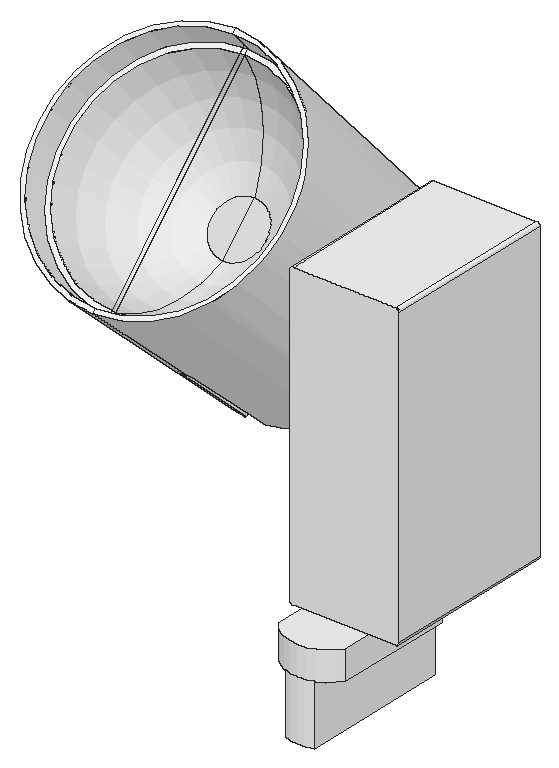
Revit family "0004866 Feilo Sylvania Lighting Fixture START TRACK SPOT L 35W 3K RA90 MB WHITE", category Lighting Fixtures, host Face, Revit 2017
Family settings
  Host = Face
  Round Connector Dimension = Use Diameter
  Part Type = Normal
  OmniClass Number = 23.80.70.00
  OmniClass Title = Lighting
  Cut with Voids When Loaded = No
  Light Source = No
  Shared = No
  Room Calculation Point = No
Parameters (values of type "0004866 START TRACK SPOT L 35W 3K RA90 MB WHITE")
  Weight = "1.368 kg"
  Wattage Comments = ""
  WarrantyStartDate [instance] = "n/a"
  WarrantyGuarantorParts = "n/a"
  WarrantyDurationUnit = "n/a"
  WarrantyDurationParts = "n/a"
  WarrantyDescription = "n/a"
  Voltage = 230 V
  URL = "http://www.sylvania-lighting.com"
  TypeName = "START TRACK SPOT L 35W 3K RA90 MB WHITE"
  TypeHead_FEILO = Start Track Spot Head : 0004866 START TRACK SPOT L 35W 3K RA90 MB WHITE
  TypeBox_FEILO = Start Track Spot Box : Type Large White
  Type Image = <None>
  Type Comments = "n/a"
  VerticalRotation_FEILO [instance] = 0.00°
  SlideEndAngle_FEILO [instance] = VerticalRotation_FEILO + 180.00°  # 180.00°
  SerialNumber [instance] = "n/a"
  Material_3_FEILO = none
  PowerFactor = 0.93
  PowerConsumption = "35 W"
  NominalLength = 0 mm
  NominalHeight = 240 mm
  NominalDepth = 164 mm
  Name = "START TRACK SPOT L 35W 3K RA90 MB WHITE"
  ModelReference = Name  # "START TRACK SPOT L 35W 3K RA90 MB WHITE"
  ModelNumber = "0004866"
  Model = Name  # "START TRACK SPOT L 35W 3K RA90 MB WHITE"
  Material = "adc12 aluminium housing, polycarbonate diffuser"
  ManufacturerName = "Feilo Sylvania"
  Manufacturer = "Feilo Sylvania"
  LuminousEfficacy = "94 lm/W"
  LuminaireType = ""
  LightOutputRatio = "100"
  LampsType = Lamp  # "LED"
  LampNominalLuminous = "3306 lm"
  LampMacAdamStep = "3"
  LampColourTemperature = "3000 K"
  LampColourRenderingIndex = "90"
  Lamp = "LED"
  Keynote = "16500"
  InstallationDate [instance] = "n/a"
  InputVoltage = "230-240V~"
  InputNominalFrequency = "50/60 Hz"
  IngressProtection = "IP20"
  ImpactProtectionIndex = "IK02"
  IfcExportType = "IfcLightFixtureType"
  IfcExportAs = "IfcLightFixtureType"
  HorizontalRotation_FEILO [instance] = 45.00°
  ExpectedLife = 50000
  ElectricShockClassification = "Class II"
  DurationUnit = "hours"
  DocumentationLiterature = "http://www.sylvania-lighting.com/product/en-int/products/0004866"
  DimmingControlOptions = "Non dimmable"
  Material_2_FEILO = none
  Description = "Integrated LED spotlight, Textured White - RAL9016, compact and minimalist design, ideal for retail applications, die-cast aluminium body, passive cooling heatsink. Beam angle: 38°, color temperature: 3000K , total system power: 35W, total fixture output: 3306 lm, LOR: 100%, colour rendering: Ra: 90 typical, LED Chromaticity: 3 step MacAdam ellipse, lifetime: >50000 hours at L70B50, energy class: A++, A+, A, IR/UV free light source without heat radiation, operating voltage: 220-240V / 50-60Hz, drive current: 900mA, electronic driver, non-dimmable, power factor: 0.93, electrical protection: Class II, Global Track 3 Phase adapter suitable for Global trac 3-circuit tracks, ingress protection rating: IP20, suitable for internal environment only, horizontal rotation: 355°, vertical tilt: 90°, dimensions: Ø113x164x240, weight: 1.368kg."
  Default Elevation = 1219.2 mm
  CreatedOn = "12/12/2017"
  CreatedBy = ""
  Cost = 0
  built-in parameter 1114216 [instance] = (empty or 0)
  ClassificationValue = "EF_70_80"
  ClassificationName = "Uniclass2015"
  Material_1_FEILO = Body-Sylvania-StartTrackSpot-White
  BarCode [instance] = "n/a"
  AssetType = "Fixed"
  AssetIdentifier [instance] = "n/a"
  Assembly Code = "D5020200"
  Apparent Load = 35 VA
  Material_4_FEILO = none
Reference planes
  plane 1 "Center (Front/Back)": y = 0
  plane 2: z = 0
  plane 3 "Center (Left/Right)": x = 0
  plane 4: x = 15
  plane 5: x = -15
  plane 6: y = 35
  plane 7: y = -35
  plane 8: z = 13
  plane 9: z = -27
  plane 10: x = 6.5
  plane 11: x = -6.5
  plane 12: y = 27
  plane 13: y = -27
  plane 14: y = 20
Forms (mm)
  Extrusion 1, solid, material "Body-Sylvania-StartTrackSpot-White" <- "Material_1_FEILO"
    sketch origin (0, 0, 0) x (1, 0, 0) y (0, 1, 0)
      loop
        line (-15, 27) -> (-15, -27)
        arc (-15, -27) -> (0, -35) -> (15, -27) r 18.062
        line (15, -27) -> (15, 27)
        arc (15, 27) -> (0, 35) -> (-15, 27) r 18.062
    from 0 to 13
  Extrusion 2, solid, material "Body-Sylvania-StartTrackSpot-White" <- "Material_1_FEILO"
    sketch origin (0, 0, 0) x (1, 0, 0) y (0, 1, 0)
      loop
        arc (6.5, 33.79) -> (0, 35) -> (-6.5, 33.79) r 18.062
        line (-6.5, 33.79) -> (-6.5, -33.79)
        arc (-6.5, -33.79) -> (0, -35) -> (6.5, -33.79) r 18.062
        line (6.5, -33.79) -> (6.5, 33.79)
    from 0 to -27
  Revolve 3, solid, not visible
    sketch origin (1524, 20, 1219.2) x (1, 0, 0) y (0, 0, 1)
      loop
        line (-1524, -1206.2) -> (-1524, -1191.285) -> (-1530.5, -1191.285) -> (-1530.5, -1206.2) -> (-1524, -1206.2)
      axis (-1524, -1191.285) -> (-1524, -1206.2)
    angle from 0 <- "VerticalRotation_FEILO" to 180 <- "SlideEndAngle_FEILO"
Cuts and joins
  joined: Extrusion 1, Extrusion 2
Dimensions and locks
  equal spacing: plane 10, plane 3 "Center (Left/Right)", plane 11
  equal spacing: plane 4, plane 3 "Center (Left/Right)", plane 5
  locked: plane 8 to plane 2 at 13
  locked: plane 8 to plane 9 at 40
  equal spacing: plane 13, plane 1 "Center (Front/Back)", plane 12
  locked: plane 12 to plane 6 at 8
  locked: plane 14 to plane 6 at 15
  locked: Revolve 3 sketch curve to plane 8 at 14.915
  aligned and locked: plane 2 to host face
  aligned and locked: level to host face
  aligned and locked: plane 5 to Extrusion 1 sketch curve  (x2)
  aligned and locked: plane 12 to Extrusion 1 sketch curve
  aligned and locked: plane 13 to Extrusion 1 sketch curve
  aligned and locked: plane 4 to Extrusion 1 sketch curve
  aligned and locked: Extrusion 1 to plane 8
  aligned and locked: Extrusion 1 to level
  aligned and locked: Extrusion 2 sketch curve to Extrusion 1  (x2)
  aligned and locked: Extrusion 2 sketch curve to plane 11
  aligned and locked: plane 10 to Extrusion 2 sketch curve
  aligned and locked: plane 9 to Extrusion 2
  aligned and locked: level to Extrusion 2
  aligned and locked: Revolve 3 sketch curve to plane 3 "Center (Left/Right)"  (x2)
  aligned and locked: plane 11 to Revolve 3 sketch curve
  aligned and locked: Revolve 3 sketch curve to plane 8
Automatic sketch dimensions
  host sketch curve to host sketch curve = 2438.4 mm  (x2)
  Extrusion 1 sketch curve to plane 3 "Center (Left/Right)" = 0 mm  (x2)
  Extrusion 1 sketch curve to plane 13 = 10.062 mm
  plane 12 to Extrusion 1 sketch curve = 10.062 mm
  Revolve 3 sketch curve to plane 3 "Center (Left/Right)" = 0 mm
  plane 9 to Revolve 3 sketch curve = 582.6 mm
  Revolve 3 sketch curve to Revolve 3 sketch curve = 2581.144 mm
Nested families
  nested 1: "Start Track Spot Head" at (-75.5, 20, 133) x (0, 0.7071, 0.7071) z (0, 0.7071, -0.7071), type <- "TypeHead_FEILO", type "0004866 START TRACK SPOT L 35W 3K RA90 MB WHITE"
    with built-in parameter 1114216 (empty or 0)
  nested 2: "Start Track Spot Box" at (8.5, 20, 85) x (-1, 0, 0) z (0, -1, 0), BoxStartAngle_FEILO <- "HorizontalRotation_FEILO", type <- "TypeBox_FEILO", type "Type Large White"
    with BoxStartAngle_FEILO 45.00°, BoxEndAngle_FEILO -135.00°
Connectors
  electrical at (0, 0, 0), driven by "Apparent Load", driven by "PowerFactor", driven by "Voltage"
    settings: index 1, voltage 230 V, apparent load 35 VA, apparent load phase1 0 VA, apparent load phase2 0 VA, apparent load phase3 0 VA, power factor 0.93, load classification "Lighting", number of poles 1, system type 30, power factor state 1, is connector primary yes, connector utility no, sub classification motor no, connector description ""
Definition of nested family "Start Track Spot Head"
  Parameters (values of type "0004811 START TRACK SPOT S 14W 3K RA80 NB WHITE")
    Wattage Comments = "n/a"
    Wattage = 14 W
    built-in parameter 1150110 = 1 (stored number, unit not read)
    URL = "http://www.feilosylvania.com"
    Type Image = (empty or 0)
    Type Comments = "n/a"
    built-in parameter 1114217 = 1 (stored number, unit not read)
    Tilt Angle = -90.00°
    built-in parameter 1150109 = 1 (stored number, unit not read)
    built-in parameter 1150134 = (empty or 0)
    built-in parameter 1150113 = 1 (stored number, unit not read)
    Photometric Web File = "0004811.ies"
    Material_3_FEILO = none
    Model = "START TRACK SPOT S 14W 3K RA80 NB WHITE"
    Manufacturer = "Feilo Sylvania"
    built-in parameter 1150105 = 123.66 (stored number, unit not read)
    Lumens = 1554 lm
    built-in parameter 1150115 = 1 (stored number, unit not read)
    built-in parameter 1150137 = (empty or 0)
    built-in parameter 1150139 = (empty or 0)
    built-in parameter 1150112 = 1 (stored number, unit not read)
    built-in parameter 1150114 = 1 (stored number, unit not read)
    Lamp = "LED"
    Keynote = "16500"
    Material_2_FEILO = none
    built-in parameter 1150132 = (empty or 0)
    built-in parameter 1150102 = (empty or 0)
    built-in parameter 1150107 = 3000 (stored number, unit not read)
    built-in parameter 1150138 = (empty or 0)
    built-in parameter 1150106 = 1.2366 (stored number, unit not read)
    HeadThickness_FEILO = if(HeadDiaOut_FEILO > 112 mm, 2 mm, 1.5 mm)  # 1.5 mm
    HeadRibOffset_FEILO = HeadHeight_FEILO / 28  # 4.179 mm
    HeadRibDepth_FEILO = HeadHeight_FEILO / 2.1  # 55.714 mm
    HeadRibCutWidth_FEILO = HeadDiaOut_FEILO / 12  # 7.167 mm
    HeadRibCutOffset_FEILO = HeadHeight_FEILO / 2.3  # 50.87 mm
    HeadReflectorRadius_FEILO = HeadDiaOut_FEILO / 1.7  # 50.588 mm
    HeadReflectorOffset_FEILO = HeadHeight_FEILO / 2.1  # 55.714 mm
    HeadLEDRadius_FEILO = HeadDiaOut_FEILO / 9  # 9.556 mm
    HeadHeight_FEILO = 117 mm
    HeadDraft_FEILO = 1 mm
    HeadDiffusorThickness_FEILO = 3 mm
    HeadDiffusorOffset_FEILO = HeadHeight_FEILO / 12.4  # 9.435 mm
    HeadDiaOut_FEILO = 86 mm
    HeadDiaIn_FEILO = HeadDiaOut_FEILO / 1.11  # 77.477 mm
    HeadAxisFromTop_FEILO = HeadHeight_FEILO / 1.687  # 69.354 mm
    Emit from Circle Diameter = HeadDiaIn_FEILO  # 77.477 mm
    Emit Shape Visible in Rendering = no
    built-in parameter 1150104 = 10.312 (stored number, unit not read)
    Dimming Lamp Color Temperature Shift = (empty or 0)
    Description = "Integrated LED spotlight, Textured White - RAL9016, compact and minimalist design, ideal for retail applications, die-cast aluminium body, passive cooling heatsink. Beam angle: 12°, color temperature: 3000K , total system power: 14W, total fixture output: 1551 lm, LOR: 100%, colour rendering: Ra: 80 typical, LED Chromaticity: 3 step MacAdam ellipse, lifetime: >50000 hours at L70B50, energy class: A++, A+, A, IR/UV free light source without heat radiation, operating voltage: 220-240V / 50-60Hz, drive current: 350mA, electronic driver, non-dimmable, power factor: 0.92, electrical protection: Class II, Global Track 3 Phase adapter suitable for Global trac 3-circuit tracks, ingress protection rating: IP20, suitable for internal environment only, horizontal rotation: 355°, vertical tilt: 90°, dimensions: Ø86x140x200, weight: 0.940kg."
    Default Elevation = 1219.2 mm
    Cost = 0
    Color Filter = 16777215
    built-in parameter 1114216 [instance] = (empty or 0)
    Material_1_FEILO = none
    built-in parameter 1114218 = 1 (stored number, unit not read)
    built-in parameter 1150133 = 10 (stored number, unit not read)
    Assembly Code = "D5020200"
    Apparent Load = 14 VA
    Material_4_FEILO = none
  Types (96, lengths in mm): name | Wattage | built-in parameter 1150134 | Photometric Web File | Model | built-in parameter 1150105 | Lumens | built-in parameter 1150107 | built-in parameter 1150106 | HeadThickness_FEILO | HeadRibOffset_FEILO | HeadRibDepth_FEILO | HeadRibCutWidth_FEILO | HeadRibCutOffset_FEILO | HeadReflectorRadius_FEILO | HeadReflectorOffset_FEILO | HeadLEDRadius_FEILO | HeadHeight_FEILO | HeadDiffusorOffset_FEILO | HeadDiaOut_FEILO | HeadDiaIn_FEILO | HeadAxisFromTop_FEILO | Emit from Circle Diameter | built-in parameter 1150104 | Description | Apparent Load
    0004906 START TRACK SPOT L 55W 4K RA90 WB BLACK | 55 W | 12 | "0004906.ies" | "START TRACK SPOT L 55W 4K RA90 WB BLACK" | 385.15 (stored number, unit not read) | 4840 lm | 4000 (stored number, unit not read) | 3.8515 (stored number, unit not read) | 2 | 4.429 | 59.048 | 9.417 | 53.913 | 66.471 | 59.048 | 12.556 | 124 | 10 | 113 | 101.802 | 73.503 | 101.802 | 8.1755 (stored number, unit not read) | "Integrated LED spotlight, Textured Black - RAL9005, compact and minimalist design, ideal for retail applications, die-cast aluminium body, passive cooling heatsink. Beam angle: 52°, color temperature: 4000K , total system power: 55W, total fixture output: 4824 lm, LOR: 100%, colour rendering: Ra: 90 typical, LED Chromaticity: 3 step MacAdam ellipse, lifetime: >50000 hours at L70B50, energy class: A++, A+, A, IR/UV free light source without heat radiation, operating voltage: 220-240V / 50-60Hz, drive current: 1400mA, electronic driver, non-dimmable, power factor: 0.96, electrical protection: Class II, Global Track 3 Phase adapter suitable for Global trac 3-circuit tracks, ingress protection rating: IP20, suitable for internal environment only, horizontal rotation: 355°, vertical tilt: 90°, dimensions: Ø113x164x240, weight: 1.398kg." | 55 VA
    0004905 START TRACK SPOT L 55W 4K RA90 MB BLACK | 55 W | 12 | "0004905.ies" | "START TRACK SPOT L 55W 4K RA90 MB BLACK" | 389.53 (stored number, unit not read) | 4895 lm | 4000 (stored number, unit not read) | 3.8953 (stored number, unit not read) | 2 | 4.429 | 59.048 | 9.417 | 53.913 | 66.471 | 59.048 | 12.556 | 124 | 10 | 113 | 101.802 | 73.503 | 101.802 | 8.2684 (stored number, unit not read) | "Integrated LED spotlight, Textured Black - RAL9005, compact and minimalist design, ideal for retail applications, die-cast aluminium body, passive cooling heatsink. Beam angle: 38°, color temperature: 4000K , total system power: 55W, total fixture output: 4897 lm, LOR: 100%, colour rendering: Ra: 90 typical, LED Chromaticity: 3 step MacAdam ellipse, lifetime: >50000 hours at L70B50, energy class: A++, A+, A, IR/UV free light source without heat radiation, operating voltage: 220-240V / 50-60Hz, drive current: 1400mA, electronic driver, non-dimmable, power factor: 0.96, electrical protection: Class II, Global Track 3 Phase adapter suitable for Global trac 3-circuit tracks, ingress protection rating: IP20, suitable for internal environment only, horizontal rotation: 355°, vertical tilt: 90°, dimensions: Ø113x164x240, weight: 1.398kg." | 55 VA
    0004904 START TRACK SPOT L 55W 4K RA90 NB BLACK | 55 W | 12 | "0004904.ies" | "START TRACK SPOT L 55W 4K RA90 NB BLACK" | 393.91 (stored number, unit not read) | 4950 lm | 4000 (stored number, unit not read) | 3.9391 (stored number, unit not read) | 2 | 4.429 | 59.048 | 9.417 | 53.913 | 66.471 | 59.048 | 12.556 | 124 | 10 | 113 | 101.802 | 73.503 | 101.802 | 8.3613 (stored number, unit not read) | "Integrated LED spotlight, Textured Black - RAL9005, compact and minimalist design, ideal for retail applications, die-cast aluminium body, passive cooling heatsink. Beam angle: 15°, color temperature: 4000K , total system power: 55W, total fixture output: 4965 lm, LOR: 100%, colour rendering: Ra: 90 typical, LED Chromaticity: 3 step MacAdam ellipse, lifetime: >50000 hours at L70B50, energy class: A++, A+, A, IR/UV free light source without heat radiation, operating voltage: 220-240V / 50-60Hz, drive current: 1400mA, electronic driver, non-dimmable, power factor: 0.96, electrical protection: Class II, Global Track 3 Phase adapter suitable for Global trac 3-circuit tracks, ingress protection rating: IP20, suitable for internal environment only, horizontal rotation: 355°, vertical tilt: 90°, dimensions: Ø113x164x240, weight: 1.398kg." | 55 VA
    0004903 START TRACK SPOT L 35W 4K RA90 WB BLACK | 35 W | 12 | "0004903.ies" | "START TRACK SPOT L 35W 4K RA90 WB BLACK" | 284.09 (stored number, unit not read) | 3570 lm | 4000 (stored number, unit not read) | 2.8409 (stored number, unit not read) | 2 | 4.429 | 59.048 | 9.417 | 53.913 | 66.471 | 59.048 | 12.556 | 124 | 10 | 113 | 101.802 | 73.503 | 101.802 | 9.4761 (stored number, unit not read) | "Integrated LED spotlight, Textured Black - RAL9005, compact and minimalist design, ideal for retail applications, die-cast aluminium body, passive cooling heatsink. Beam angle: 52°, color temperature: 4000K , total system power: 35W, total fixture output: 3562 lm, LOR: 100%, colour rendering: Ra: 90 typical, LED Chromaticity: 3 step MacAdam ellipse, lifetime: >50000 hours at L70B50, energy class: A++, A+, A, IR/UV free light source without heat radiation, operating voltage: 220-240V / 50-60Hz, drive current: 900mA, electronic driver, non-dimmable, power factor: 0.93, electrical protection: Class II, Global Track 3 Phase adapter suitable for Global trac 3-circuit tracks, ingress protection rating: IP20, suitable for internal environment only, horizontal rotation: 355°, vertical tilt: 90°, dimensions: Ø113x164x240, weight: 1.368kg." | 35 VA
    0004902 START TRACK SPOT L 35W 4K RA90 MB BLACK | 35 W | 12 | "0004902.ies" | "START TRACK SPOT L 35W 4K RA90 MB BLACK" | 286.88 (stored number, unit not read) | 3605 lm | 4000 (stored number, unit not read) | 2.8688 (stored number, unit not read) | 2 | 4.429 | 59.048 | 9.417 | 53.913 | 66.471 | 59.048 | 12.556 | 124 | 10 | 113 | 101.802 | 73.503 | 101.802 | 9.569 (stored number, unit not read) | "Integrated LED spotlight, Textured Black - RAL9005, compact and minimalist design, ideal for retail applications, die-cast aluminium body, passive cooling heatsink. Beam angle: 38°, color temperature: 4000K , total system power: 35W, total fixture output: 3616 lm, LOR: 100%, colour rendering: Ra: 90 typical, LED Chromaticity: 3 step MacAdam ellipse, lifetime: >50000 hours at L70B50, energy class: A++, A+, A, IR/UV free light source without heat radiation, operating voltage: 220-240V / 50-60Hz, drive current: 900mA, electronic driver, non-dimmable, power factor: 0.93, electrical protection: Class II, Global Track 3 Phase adapter suitable for Global trac 3-circuit tracks, ingress protection rating: IP20, suitable for internal environment only, horizontal rotation: 355°, vertical tilt: 90°, dimensions: Ø113x164x240, weight: 1.368kg." | 35 VA
    0004901 START TRACK SPOT L 35W 4K RA90 NB BLACK | 35 W | 12 | "0004901.ies" | "START TRACK SPOT L 35W 4K RA90 NB BLACK" | 286.88 (stored number, unit not read) | 3605 lm | 4000 (stored number, unit not read) | 2.8688 (stored number, unit not read) | 2 | 4.429 | 59.048 | 9.417 | 53.913 | 66.471 | 59.048 | 12.556 | 124 | 10 | 113 | 101.802 | 73.503 | 101.802 | 9.569 (stored number, unit not read) | "Integrated LED spotlight, Textured Black - RAL9005, compact and minimalist design, ideal for retail applications, die-cast aluminium body, passive cooling heatsink. Beam angle: 15°, color temperature: 4000K , total system power: 35W, total fixture output: 3593 lm, LOR: 100%, colour rendering: Ra: 90 typical, LED Chromaticity: 3 step MacAdam ellipse, lifetime: >50000 hours at L70B50, energy class: A++, A+, A, IR/UV free light source without heat radiation, operating voltage: 220-240V / 50-60Hz, drive current: 900mA, electronic driver, non-dimmable, power factor: 0.93, electrical protection: Class II, Global Track 3 Phase adapter suitable for Global trac 3-circuit tracks, ingress protection rating: IP20, suitable for internal environment only, horizontal rotation: 355°, vertical tilt: 90°, dimensions: Ø113x164x240, weight: 1.368kg." | 35 VA
    0004900 START TRACK SPOT S 24W 4K RA90 WB BLACK | 24 W | 12 | "0004900.ies" | "START TRACK SPOT S 24W 4K RA90 WB BLACK" | 166.16 (stored number, unit not read) | 2088 lm | 4000 (stored number, unit not read) | 1.6616 (stored number, unit not read) | 1.5 | 4.179 | 55.714 | 7.167 | 50.87 | 50.588 | 55.714 | 9.556 | 117 | 9.435 | 86 | 77.477 | 69.354 | 77.477 | 8.0826 (stored number, unit not read) | "Integrated LED spotlight, Textured Black - RAL9005, compact and minimalist design, ideal for retail applications, die-cast aluminium body, passive cooling heatsink. Beam angle: 64°, color temperature: 4000K , total system power: 24W, total fixture output: 2087 lm, LOR: 100%, colour rendering: Ra: 90 typical, LED Chromaticity: 3 step MacAdam ellipse, lifetime: >50000 hours at L70B50, energy class: A++, A+, A, IR/UV free light source without heat radiation, operating voltage: 220-240V / 50-60Hz, drive current: 600mA, electronic driver, non-dimmable, power factor: 0.95, electrical protection: Class II, Global Track 3 Phase adapter suitable for Global trac 3-circuit tracks, ingress protection rating: IP20, suitable for internal environment only, horizontal rotation: 355°, vertical tilt: 90°, dimensions: Ø86x140x200, weight: 0.966kg." | 24 VA
    0004899 START TRACK SPOT S 24W 4K RA90 MB BLACK | 24 W | 12 | "0004899.ies" | "START TRACK SPOT S 24W 4K RA90 MB BLACK" | 169.98 (stored number, unit not read) | 2136 lm | 4000 (stored number, unit not read) | 1.6998 (stored number, unit not read) | 1.5 | 4.179 | 55.714 | 7.167 | 50.87 | 50.588 | 55.714 | 9.556 | 117 | 9.435 | 86 | 77.477 | 69.354 | 77.477 | 8.2684 (stored number, unit not read) | "Integrated LED spotlight, Textured Black - RAL9005, compact and minimalist design, ideal for retail applications, die-cast aluminium body, passive cooling heatsink. Beam angle: 36°, color temperature: 4000K , total system power: 24W, total fixture output: 2141 lm, LOR: 100%, colour rendering: Ra: 90 typical, LED Chromaticity: 3 step MacAdam ellipse, lifetime: >50000 hours at L70B50, energy class: A++, A+, A, IR/UV free light source without heat radiation, operating voltage: 220-240V / 50-60Hz, drive current: 600mA, electronic driver, non-dimmable, power factor: 0.95, electrical protection: Class II, Global Track 3 Phase adapter suitable for Global trac 3-circuit tracks, ingress protection rating: IP20, suitable for internal environment only, horizontal rotation: 355°, vertical tilt: 90°, dimensions: Ø86x140x200, weight: 0.966kg." | 24 VA
    0004898 START TRACK SPOT S 24W 4K RA90 NB BLACK | 24 W | 12 | "0004898.ies" | "START TRACK SPOT S 24W 4K RA90 NB BLACK" | 171.89 (stored number, unit not read) | 2160 lm | 4000 (stored number, unit not read) | 1.7189 (stored number, unit not read) | 1.5 | 4.179 | 55.714 | 7.167 | 50.87 | 50.588 | 55.714 | 9.556 | 117 | 9.435 | 86 | 77.477 | 69.354 | 77.477 | 8.3613 (stored number, unit not read) | "Integrated LED spotlight, Textured Black - RAL9005, compact and minimalist design, ideal for retail applications, die-cast aluminium body, passive cooling heatsink. Beam angle: 12°, color temperature: 4000K , total system power: 24W, total fixture output: 2155 lm, LOR: 100%, colour rendering: Ra: 90 typical, LED Chromaticity: 3 step MacAdam ellipse, lifetime: >50000 hours at L70B50, energy class: A++, A+, A, IR/UV free light source without heat radiation, operating voltage: 220-240V / 50-60Hz, drive current: 600mA, electronic driver, non-dimmable, power factor: 0.95, electrical protection: Class II, Global Track 3 Phase adapter suitable for Global trac 3-circuit tracks, ingress protection rating: IP20, suitable for internal environment only, horizontal rotation: 355°, vertical tilt: 90°, dimensions: Ø86x140x200, weight: 0.966kg." | 24 VA
    0004897 START TRACK SPOT S 14W 4K RA90 WB BLACK | 14 W | 12 | "0004897.ies" | "START TRACK SPOT S 14W 4K RA90 WB BLACK" | 108.07 (stored number, unit not read) | 1358 lm | 4000 (stored number, unit not read) | 1.0807 (stored number, unit not read) | 1.5 | 4.179 | 55.714 | 7.167 | 50.87 | 50.588 | 55.714 | 9.556 | 117 | 9.435 | 86 | 77.477 | 69.354 | 77.477 | 9.0116 (stored number, unit not read) | "Integrated LED spotlight, Textured Black - RAL9005, compact and minimalist design, ideal for retail applications, die-cast aluminium body, passive cooling heatsink. Beam angle: 64°, color temperature: 4000K , total system power: 14W, total fixture output: 1352 lm, LOR: 100%, colour rendering: Ra: 90 typical, LED Chromaticity: 3 step MacAdam ellipse, lifetime: >50000 hours at L70B50, energy class: A++, A+, A, IR/UV free light source without heat radiation, operating voltage: 220-240V / 50-60Hz, drive current: 350mA, electronic driver, non-dimmable, power factor: 0.92, electrical protection: Class II, Global Track 3 Phase adapter suitable for Global trac 3-circuit tracks, ingress protection rating: IP20, suitable for internal environment only, horizontal rotation: 355°, vertical tilt: 90°, dimensions: Ø86x140x200, weight: 0.940kg." | 14 VA
    0004896 START TRACK SPOT S 14W 4K RA90 MB BLACK | 14 W | 12 | "0004896.ies" | "START TRACK SPOT S 14W 4K RA90 MB BLACK" | 108.07 (stored number, unit not read) | 1358 lm | 4000 (stored number, unit not read) | 1.0807 (stored number, unit not read) | 1.5 | 4.179 | 55.714 | 7.167 | 50.87 | 50.588 | 55.714 | 9.556 | 117 | 9.435 | 86 | 77.477 | 69.354 | 77.477 | 9.0116 (stored number, unit not read) | "Integrated LED spotlight, Textured Black - RAL9005, compact and minimalist design, ideal for retail applications, die-cast aluminium body, passive cooling heatsink. Beam angle: 36°, color temperature: 4000K , total system power: 14W, total fixture output: 1359 lm, LOR: 100%, colour rendering: Ra: 90 typical, LED Chromaticity: 3 step MacAdam ellipse, lifetime: >50000 hours at L70B50, energy class: A++, A+, A, IR/UV free light source without heat radiation, operating voltage: 220-240V / 50-60Hz, drive current: 350mA, electronic driver, non-dimmable, power factor: 0.92, electrical protection: Class II, Global Track 3 Phase adapter suitable for Global trac 3-circuit tracks, ingress protection rating: IP20, suitable for internal environment only, horizontal rotation: 355°, vertical tilt: 90°, dimensions: Ø86x140x200, weight: 0.940kg." | 14 VA
    0004895 START TRACK SPOT S 14W 4K RA90 NB BLACK | 14 W | 12 | "0004895.ies" | "START TRACK SPOT S 14W 4K RA90 NB BLACK" | 106.95 (stored number, unit not read) | 1344 lm | 4000 (stored number, unit not read) | 1.0695 (stored number, unit not read) | 1.5 | 4.179 | 55.714 | 7.167 | 50.87 | 50.588 | 55.714 | 9.556 | 117 | 9.435 | 86 | 77.477 | 69.354 | 77.477 | 8.9187 (stored number, unit not read) | "Integrated LED spotlight, Textured Black - RAL9005, compact and minimalist design, ideal for retail applications, die-cast aluminium body, passive cooling heatsink. Beam angle: 12°, color temperature: 4000K , total system power: 14W, total fixture output: 1349 lm, LOR: 100%, colour rendering: Ra: 90 typical, LED Chromaticity: 3 step MacAdam ellipse, lifetime: >50000 hours at L70B50, energy class: A++, A+, A, IR/UV free light source without heat radiation, operating voltage: 220-240V / 50-60Hz, drive current: 350mA, electronic driver, non-dimmable, power factor: 0.92, electrical protection: Class II, Global Track 3 Phase adapter suitable for Global trac 3-circuit tracks, ingress protection rating: IP20, suitable for internal environment only, horizontal rotation: 355°, vertical tilt: 90°, dimensions: Ø86x140x200, weight: 0.940kg." | 14 VA
    0004894 START TRACK SPOT L 55W 3K RA90 WB BLACK | 55 W | (empty or 0) | "0004894.ies" | "START TRACK SPOT L 55W 3K RA90 WB BLACK" | 350.14 (stored number, unit not read) | 4400 lm | 3000 (stored number, unit not read) | 3.5014 (stored number, unit not read) | 2 | 4.429 | 59.048 | 9.417 | 53.913 | 66.471 | 59.048 | 12.556 | 124 | 10 | 113 | 101.802 | 73.503 | 101.802 | 7.4322 (stored number, unit not read) | "Integrated LED spotlight, Textured Black - RAL9005, compact and minimalist design, ideal for retail applications, die-cast aluminium body, passive cooling heatsink. Beam angle: 52°, color temperature: 3000K , total system power: 55W, total fixture output: 4405 lm, LOR: 100%, colour rendering: Ra: 90 typical, LED Chromaticity: 3 step MacAdam ellipse, lifetime: >50000 hours at L70B50, energy class: A++, A+, A, IR/UV free light source without heat radiation, operating voltage: 220-240V / 50-60Hz, drive current: 1400mA, electronic driver, non-dimmable, power factor: 0.96, electrical protection: Class II, Global Track 3 Phase adapter suitable for Global trac 3-circuit tracks, ingress protection rating: IP20, suitable for internal environment only, horizontal rotation: 355°, vertical tilt: 90°, dimensions: Ø113x164x240, weight: 1.398kg." | 55 VA
    0004893 START TRACK SPOT L 55W 3K RA90 MB BLACK | 55 W | (empty or 0) | "0004893.ies" | "START TRACK SPOT L 55W 3K RA90 MB BLACK" | 354.52 (stored number, unit not read) | 4455 lm | 3000 (stored number, unit not read) | 3.5452 (stored number, unit not read) | 2 | 4.429 | 59.048 | 9.417 | 53.913 | 66.471 | 59.048 | 12.556 | 124 | 10 | 113 | 101.802 | 73.503 | 101.802 | 7.5251 (stored number, unit not read) | "Integrated LED spotlight, Textured Black - RAL9005, compact and minimalist design, ideal for retail applications, die-cast aluminium body, passive cooling heatsink. Beam angle: 38°, color temperature: 3000K , total system power: 55W, total fixture output: 4448 lm, LOR: 100%, colour rendering: Ra: 90 typical, LED Chromaticity: 3 step MacAdam ellipse, lifetime: >50000 hours at L70B50, energy class: A++, A+, A, IR/UV free light source without heat radiation, operating voltage: 220-240V / 50-60Hz, drive current: 1400mA, electronic driver, non-dimmable, power factor: 0.96, electrical protection: Class II, Global Track 3 Phase adapter suitable for Global trac 3-circuit tracks, ingress protection rating: IP20, suitable for internal environment only, horizontal rotation: 355°, vertical tilt: 90°, dimensions: Ø113x164x240, weight: 1.398kg." | 55 VA
    0004892 START TRACK SPOT L 55W 3K RA90 NB BLACK | 55 W | (empty or 0) | "0004892.ies" | "START TRACK SPOT L 55W 3K RA90 NB BLACK" | 350.14 (stored number, unit not read) | 4400 lm | 3000 (stored number, unit not read) | 3.5014 (stored number, unit not read) | 2 | 4.429 | 59.048 | 9.417 | 53.913 | 66.471 | 59.048 | 12.556 | 124 | 10 | 113 | 101.802 | 73.503 | 101.802 | 7.4322 (stored number, unit not read) | "Integrated LED spotlight, Textured Black - RAL9005, compact and minimalist design, ideal for retail applications, die-cast aluminium body, passive cooling heatsink. Beam angle: 15°, color temperature: 3000K , total system power: 55W, total fixture output: 4416 lm, LOR: 100%, colour rendering: Ra: 90 typical, LED Chromaticity: 3 step MacAdam ellipse, lifetime: >50000 hours at L70B50, energy class: A++, A+, A, IR/UV free light source without heat radiation, operating voltage: 220-240V / 50-60Hz, drive current: 1400mA, electronic driver, non-dimmable, power factor: 0.96, electrical protection: Class II, Global Track 3 Phase adapter suitable for Global trac 3-circuit tracks, ingress protection rating: IP20, suitable for internal environment only, horizontal rotation: 355°, vertical tilt: 90°, dimensions: Ø113x164x240, weight: 1.398kg." | 55 VA
    0004891 START TRACK SPOT L 35W 3K RA90 WB BLACK | 35 W | (empty or 0) | "0004891.ies" | "START TRACK SPOT L 35W 3K RA90 WB BLACK" | 259.02 (stored number, unit not read) | 3255 lm | 3000 (stored number, unit not read) | 2.5902 (stored number, unit not read) | 2 | 4.429 | 59.048 | 9.417 | 53.913 | 66.471 | 59.048 | 12.556 | 124 | 10 | 113 | 101.802 | 73.503 | 101.802 | 8.64 (stored number, unit not read) | "Integrated LED spotlight, Textured Black - RAL9005, compact and minimalist design, ideal for retail applications, die-cast aluminium body, passive cooling heatsink. Beam angle: 52°, color temperature: 3000K , total system power: 35W, total fixture output: 3260 lm, LOR: 100%, colour rendering: Ra: 90 typical, LED Chromaticity: 3 step MacAdam ellipse, lifetime: >50000 hours at L70B50, energy class: A++, A+, A, IR/UV free light source without heat radiation, operating voltage: 220-240V / 50-60Hz, drive current: 900mA, electronic driver, non-dimmable, power factor: 0.93, electrical protection: Class II, Global Track 3 Phase adapter suitable for Global trac 3-circuit tracks, ingress protection rating: IP20, suitable for internal environment only, horizontal rotation: 355°, vertical tilt: 90°, dimensions: Ø113x164x240, weight: 1.368kg." | 35 VA
    0004890 START TRACK SPOT L 35W 3K RA90 MB BLACK | 35 W | (empty or 0) | "0004890.ies" | "START TRACK SPOT L 35W 3K RA90 MB BLACK" | 261.81 (stored number, unit not read) | 3290 lm | 3000 (stored number, unit not read) | 2.6181 (stored number, unit not read) | 2 | 4.429 | 59.048 | 9.417 | 53.913 | 66.471 | 59.048 | 12.556 | 124 | 10 | 113 | 101.802 | 73.503 | 101.802 | 8.7329 (stored number, unit not read) | "Integrated LED spotlight, Textured Black - RAL9005, compact and minimalist design, ideal for retail applications, die-cast aluminium body, passive cooling heatsink. Beam angle: 38°, color temperature: 3000K , total system power: 35W, total fixture output: 3306 lm, LOR: 100%, colour rendering: Ra: 90 typical, LED Chromaticity: 3 step MacAdam ellipse, lifetime: >50000 hours at L70B50, energy class: A++, A+, A, IR/UV free light source without heat radiation, operating voltage: 220-240V / 50-60Hz, drive current: 900mA, electronic driver, non-dimmable, power factor: 0.93, electrical protection: Class II, Global Track 3 Phase adapter suitable for Global trac 3-circuit tracks, ingress protection rating: IP20, suitable for internal environment only, horizontal rotation: 355°, vertical tilt: 90°, dimensions: Ø113x164x240, weight: 1.368kg." | 35 VA
    0004889 START TRACK SPOT L 35W 3K RA90 NB BLACK | 35 W | (empty or 0) | "0004889.ies" | "START TRACK SPOT L 35W 3K RA90 NB BLACK" | 261.81 (stored number, unit not read) | 3290 lm | 3000 (stored number, unit not read) | 2.6181 (stored number, unit not read) | 2 | 4.429 | 59.048 | 9.417 | 53.913 | 66.471 | 59.048 | 12.556 | 124 | 10 | 113 | 101.802 | 73.503 | 101.802 | 8.7329 (stored number, unit not read) | "Integrated LED spotlight, Textured Black - RAL9005, compact and minimalist design, ideal for retail applications, die-cast aluminium body, passive cooling heatsink. Beam angle: 15°, color temperature: 3000K , total system power: 35W, total fixture output: 3287 lm, LOR: 100%, colour rendering: Ra: 90 typical, LED Chromaticity: 3 step MacAdam ellipse, lifetime: >50000 hours at L70B50, energy class: A++, A+, A, IR/UV free light source without heat radiation, operating voltage: 220-240V / 50-60Hz, drive current: 900mA, electronic driver, non-dimmable, power factor: 0.93, electrical protection: Class II, Global Track 3 Phase adapter suitable for Global trac 3-circuit tracks, ingress protection rating: IP20, suitable for internal environment only, horizontal rotation: 355°, vertical tilt: 90°, dimensions: Ø113x164x240, weight: 1.368kg." | 35 VA
    0004888 START TRACK SPOT S 24W 3K RA90 WB BLACK | 24 W | (empty or 0) | "0004888.ies" | "START TRACK SPOT S 24W 3K RA90 WB BLACK" | 152.79 (stored number, unit not read) | 1920 lm | 3000 (stored number, unit not read) | 1.5279 (stored number, unit not read) | 1.5 | 4.179 | 55.714 | 7.167 | 50.87 | 50.588 | 55.714 | 9.556 | 117 | 9.435 | 86 | 77.477 | 69.354 | 77.477 | 7.4322 (stored number, unit not read) | "Integrated LED spotlight, Textured Black - RAL9005, compact and minimalist design, ideal for retail applications, die-cast aluminium body, passive cooling heatsink. Beam angle: 64°, color temperature: 3000K , total system power: 24W, total fixture output: 1928 lm, LOR: 100%, colour rendering: Ra: 90 typical, LED Chromaticity: 3 step MacAdam ellipse, lifetime: >50000 hours at L70B50, energy class: A++, A+, A, IR/UV free light source without heat radiation, operating voltage: 220-240V / 50-60Hz, drive current: 600mA, electronic driver, non-dimmable, power factor: 0.95, electrical protection: Class II, Global Track 3 Phase adapter suitable for Global trac 3-circuit tracks, ingress protection rating: IP20, suitable for internal environment only, horizontal rotation: 355°, vertical tilt: 90°, dimensions: Ø86x140x200, weight: 0.966kg." | 24 VA
    0004887 START TRACK SPOT S 24W 3K RA90 MB BLACK | 24 W | (empty or 0) | "0004887.ies" | "START TRACK SPOT S 24W 3K RA90 MB BLACK" | 154.7 (stored number, unit not read) | 1944 lm | 3000 (stored number, unit not read) | 1.547 (stored number, unit not read) | 1.5 | 4.179 | 55.714 | 7.167 | 50.87 | 50.588 | 55.714 | 9.556 | 117 | 9.435 | 86 | 77.477 | 69.354 | 77.477 | 7.5251 (stored number, unit not read) | "Integrated LED spotlight, Textured Black - RAL9005, compact and minimalist design, ideal for retail applications, die-cast aluminium body, passive cooling heatsink. Beam angle: 36°, color temperature: 3000K , total system power: 24W, total fixture output: 1944 lm, LOR: 100%, colour rendering: Ra: 90 typical, LED Chromaticity: 3 step MacAdam ellipse, lifetime: >50000 hours at L70B50, energy class: A++, A+, A, IR/UV free light source without heat radiation, operating voltage: 220-240V / 50-60Hz, drive current: 600mA, electronic driver, non-dimmable, power factor: 0.95, electrical protection: Class II, Global Track 3 Phase adapter suitable for Global trac 3-circuit tracks, ingress protection rating: IP20, suitable for internal environment only, horizontal rotation: 355°, vertical tilt: 90°, dimensions: Ø86x140x200, weight: 0.966kg." | 24 VA
    0004886 START TRACK SPOT S 24W 3K RA90 NB BLACK | 24 W | (empty or 0) | "0004886.ies" | "START TRACK SPOT S 24W 3K RA90 NB BLACK" | 158.52 (stored number, unit not read) | 1992 lm | 3000 (stored number, unit not read) | 1.5852 (stored number, unit not read) | 1.5 | 4.179 | 55.714 | 7.167 | 50.87 | 50.588 | 55.714 | 9.556 | 117 | 9.435 | 86 | 77.477 | 69.354 | 77.477 | 7.711 (stored number, unit not read) | "Integrated LED spotlight, Textured Black - RAL9005, compact and minimalist design, ideal for retail applications, die-cast aluminium body, passive cooling heatsink. Beam angle: 12°, color temperature: 3000K , total system power: 24W, total fixture output: 1987 lm, LOR: 100%, colour rendering: Ra: 90 typical, LED Chromaticity: 3 step MacAdam ellipse, lifetime: >50000 hours at L70B50, energy class: A++, A+, A, IR/UV free light source without heat radiation, operating voltage: 220-240V / 50-60Hz, drive current: 600mA, electronic driver, non-dimmable, power factor: 0.95, electrical protection: Class II, Global Track 3 Phase adapter suitable for Global trac 3-circuit tracks, ingress protection rating: IP20, suitable for internal environment only, horizontal rotation: 355°, vertical tilt: 90°, dimensions: Ø86x140x200, weight: 0.966kg." | 24 VA
    0004885 START TRACK SPOT S 14W 3K RA90 WB BLACK | 14 W | (empty or 0) | "0004885.ies" | "START TRACK SPOT S 14W 3K RA90 WB BLACK" | 100.27 (stored number, unit not read) | 1260 lm | 3000 (stored number, unit not read) | 1.0027 (stored number, unit not read) | 1.5 | 4.179 | 55.714 | 7.167 | 50.87 | 50.588 | 55.714 | 9.556 | 117 | 9.435 | 86 | 77.477 | 69.354 | 77.477 | 8.3613 (stored number, unit not read) | "Integrated LED spotlight, Textured Black - RAL9005, compact and minimalist design, ideal for retail applications, die-cast aluminium body, passive cooling heatsink. Beam angle: 64°, color temperature: 3000K , total system power: 14W, total fixture output: 1262 lm, LOR: 100%, colour rendering: Ra: 90 typical, LED Chromaticity: 3 step MacAdam ellipse, lifetime: >50000 hours at L70B50, energy class: A++, A+, A, IR/UV free light source without heat radiation, operating voltage: 220-240V / 50-60Hz, drive current: 350mA, electronic driver, non-dimmable, power factor: 0.92, electrical protection: Class II, Global Track 3 Phase adapter suitable for Global trac 3-circuit tracks, ingress protection rating: IP20, suitable for internal environment only, horizontal rotation: 355°, vertical tilt: 90°, dimensions: Ø86x140x200, weight: 0.940kg." | 14 VA
    0004884 START TRACK SPOT S 14W 3K RA90 MB BLACK | 14 W | (empty or 0) | "0004884.ies" | "START TRACK SPOT S 14W 3K RA90 MB BLACK" | 100.27 (stored number, unit not read) | 1260 lm | 3000 (stored number, unit not read) | 1.0027 (stored number, unit not read) | 1.5 | 4.179 | 55.714 | 7.167 | 50.87 | 50.588 | 55.714 | 9.556 | 117 | 9.435 | 86 | 77.477 | 69.354 | 77.477 | 8.3613 (stored number, unit not read) | "Integrated LED spotlight, Textured Black - RAL9005, compact and minimalist design, ideal for retail applications, die-cast aluminium body, passive cooling heatsink. Beam angle: 36°, color temperature: 3000K , total system power: 14W, total fixture output: 1262 lm, LOR: 100%, colour rendering: Ra: 90 typical, LED Chromaticity: 3 step MacAdam ellipse, lifetime: >50000 hours at L70B50, energy class: A++, A+, A, IR/UV free light source without heat radiation, operating voltage: 220-240V / 50-60Hz, drive current: 350mA, electronic driver, non-dimmable, power factor: 0.92, electrical protection: Class II, Global Track 3 Phase adapter suitable for Global trac 3-circuit tracks, ingress protection rating: IP20, suitable for internal environment only, horizontal rotation: 355°, vertical tilt: 90°, dimensions: Ø86x140x200, weight: 0.940kg." | 14 VA
    0004883 START TRACK SPOT S 14W 3K RA90 NB BLACK | 14 W | (empty or 0) | "0004883.ies" | "START TRACK SPOT S 14W 3K RA90 NB BLACK" | 102.5 (stored number, unit not read) | 1288 lm | 3000 (stored number, unit not read) | 1.025 (stored number, unit not read) | 1.5 | 4.179 | 55.714 | 7.167 | 50.87 | 50.588 | 55.714 | 9.556 | 117 | 9.435 | 86 | 77.477 | 69.354 | 77.477 | 8.5471 (stored number, unit not read) | "Integrated LED spotlight, Textured Black - RAL9005, compact and minimalist design, ideal for retail applications, die-cast aluminium body, passive cooling heatsink. Beam angle: 12°, color temperature: 3000K , total system power: 14W, total fixture output: 1284 lm, LOR: 100%, colour rendering: Ra: 90 typical, LED Chromaticity: 3 step MacAdam ellipse, lifetime: >50000 hours at L70B50, energy class: A++, A+, A, IR/UV free light source without heat radiation, operating voltage: 220-240V / 50-60Hz, drive current: 350mA, electronic driver, non-dimmable, power factor: 0.92, electrical protection: Class II, Global Track 3 Phase adapter suitable for Global trac 3-circuit tracks, ingress protection rating: IP20, suitable for internal environment only, horizontal rotation: 355°, vertical tilt: 90°, dimensions: Ø86x140x200, weight: 0.940kg." | 14 VA
    0004882 START TRACK SPOT L 55W 4K RA90 WB WHITE | 55 W | 12 | "0004882.ies" | "START TRACK SPOT L 55W 4K RA90 WB WHITE" | 385.15 (stored number, unit not read) | 4840 lm | 4000 (stored number, unit not read) | 3.8515 (stored number, unit not read) | 2 | 4.429 | 59.048 | 9.417 | 53.913 | 66.471 | 59.048 | 12.556 | 124 | 10 | 113 | 101.802 | 73.503 | 101.802 | 8.1755 (stored number, unit not read) | "Integrated LED spotlight, Textured White - RAL9016, compact and minimalist design, ideal for retail applications, die-cast aluminium body, passive cooling heatsink. Beam angle: 52°, color temperature: 4000K , total system power: 55W, total fixture output: 4824 lm, LOR: 100%, colour rendering: Ra: 90 typical, LED Chromaticity: 3 step MacAdam ellipse, lifetime: >50000 hours at L70B50, energy class: A++, A+, A, IR/UV free light source without heat radiation, operating voltage: 220-240V / 50-60Hz, drive current: 1400mA, electronic driver, non-dimmable, power factor: 0.96, electrical protection: Class II, Global Track 3 Phase adapter suitable for Global trac 3-circuit tracks, ingress protection rating: IP20, suitable for internal environment only, horizontal rotation: 355°, vertical tilt: 90°, dimensions: Ø113x164x240, weight: 1.398kg." | 55 VA
    0004881 START TRACK SPOT L 55W 4K RA90 MB WHITE | 55 W | 12 | "0004881.ies" | "START TRACK SPOT L 55W 4K RA90 MB WHITE" | 389.53 (stored number, unit not read) | 4895 lm | 4000 (stored number, unit not read) | 3.8953 (stored number, unit not read) | 2 | 4.429 | 59.048 | 9.417 | 53.913 | 66.471 | 59.048 | 12.556 | 124 | 10 | 113 | 101.802 | 73.503 | 101.802 | 8.2684 (stored number, unit not read) | "Integrated LED spotlight, Textured White - RAL9016, compact and minimalist design, ideal for retail applications, die-cast aluminium body, passive cooling heatsink. Beam angle: 38°, color temperature: 4000K , total system power: 55W, total fixture output: 4897 lm, LOR: 100%, colour rendering: Ra: 90 typical, LED Chromaticity: 3 step MacAdam ellipse, lifetime: >50000 hours at L70B50, energy class: A++, A+, A, IR/UV free light source without heat radiation, operating voltage: 220-240V / 50-60Hz, drive current: 1400mA, electronic driver, non-dimmable, power factor: 0.96, electrical protection: Class II, Global Track 3 Phase adapter suitable for Global trac 3-circuit tracks, ingress protection rating: IP20, suitable for internal environment only, horizontal rotation: 355°, vertical tilt: 90°, dimensions: Ø113x164x240, weight: 1.398kg." | 55 VA
    0004880 START TRACK SPOT L 55W 4K RA90 NB WHITE | 55 W | 12 | "0004880.ies" | "START TRACK SPOT L 55W 4K RA90 NB WHITE" | 393.91 (stored number, unit not read) | 4950 lm | 4000 (stored number, unit not read) | 3.9391 (stored number, unit not read) | 2 | 4.429 | 59.048 | 9.417 | 53.913 | 66.471 | 59.048 | 12.556 | 124 | 10 | 113 | 101.802 | 73.503 | 101.802 | 8.3613 (stored number, unit not read) | "Integrated LED spotlight, Textured White - RAL9016, compact and minimalist design, ideal for retail applications, die-cast aluminium body, passive cooling heatsink. Beam angle: 15°, color temperature: 4000K , total system power: 55W, total fixture output: 4965 lm, LOR: 100%, colour rendering: Ra: 90 typical, LED Chromaticity: 3 step MacAdam ellipse, lifetime: >50000 hours at L70B50, energy class: A++, A+, A, IR/UV free light source without heat radiation, operating voltage: 220-240V / 50-60Hz, drive current: 1400mA, electronic driver, non-dimmable, power factor: 0.96, electrical protection: Class II, Global Track 3 Phase adapter suitable for Global trac 3-circuit tracks, ingress protection rating: IP20, suitable for internal environment only, horizontal rotation: 355°, vertical tilt: 90°, dimensions: Ø113x164x240, weight: 1.398kg." | 55 VA
    0004879 START TRACK SPOT L 35W 4K RA90 WB WHITE | 35 W | 12 | "0004879.ies" | "START TRACK SPOT L 35W 4K RA90 WB WHITE" | 284.09 (stored number, unit not read) | 3570 lm | 4000 (stored number, unit not read) | 2.8409 (stored number, unit not read) | 2 | 4.429 | 59.048 | 9.417 | 53.913 | 66.471 | 59.048 | 12.556 | 124 | 10 | 113 | 101.802 | 73.503 | 101.802 | 9.4761 (stored number, unit not read) | "Integrated LED spotlight, Textured White - RAL9016, compact and minimalist design, ideal for retail applications, die-cast aluminium body, passive cooling heatsink. Beam angle: 52°, color temperature: 4000K , total system power: 35W, total fixture output: 3562 lm, LOR: 100%, colour rendering: Ra: 90 typical, LED Chromaticity: 3 step MacAdam ellipse, lifetime: >50000 hours at L70B50, energy class: A++, A+, A, IR/UV free light source without heat radiation, operating voltage: 220-240V / 50-60Hz, drive current: 900mA, electronic driver, non-dimmable, power factor: 0.93, electrical protection: Class II, Global Track 3 Phase adapter suitable for Global trac 3-circuit tracks, ingress protection rating: IP20, suitable for internal environment only, horizontal rotation: 355°, vertical tilt: 90°, dimensions: Ø113x164x240, weight: 1.368kg." | 35 VA
    0004878 START TRACK SPOT L 35W 4K RA90 MB WHITE | 35 W | 12 | "0004878.ies" | "START TRACK SPOT L 35W 4K RA90 MB WHITE" | 286.88 (stored number, unit not read) | 3605 lm | 4000 (stored number, unit not read) | 2.8688 (stored number, unit not read) | 2 | 4.429 | 59.048 | 9.417 | 53.913 | 66.471 | 59.048 | 12.556 | 124 | 10 | 113 | 101.802 | 73.503 | 101.802 | 9.569 (stored number, unit not read) | "Integrated LED spotlight, Textured White - RAL9016, compact and minimalist design, ideal for retail applications, die-cast aluminium body, passive cooling heatsink. Beam angle: 38°, color temperature: 4000K , total system power: 35W, total fixture output: 3616 lm, LOR: 100%, colour rendering: Ra: 90 typical, LED Chromaticity: 3 step MacAdam ellipse, lifetime: >50000 hours at L70B50, energy class: A++, A+, A, IR/UV free light source without heat radiation, operating voltage: 220-240V / 50-60Hz, drive current: 900mA, electronic driver, non-dimmable, power factor: 0.93, electrical protection: Class II, Global Track 3 Phase adapter suitable for Global trac 3-circuit tracks, ingress protection rating: IP20, suitable for internal environment only, horizontal rotation: 355°, vertical tilt: 90°, dimensions: Ø113x164x240, weight: 1.368kg." | 35 VA
    0004877 START TRACK SPOT L 35W 4K RA90 NB WHITE | 35 W | 12 | "0004877.ies" | "START TRACK SPOT L 35W 4K RA90 NB WHITE" | 286.88 (stored number, unit not read) | 3605 lm | 4000 (stored number, unit not read) | 2.8688 (stored number, unit not read) | 2 | 4.429 | 59.048 | 9.417 | 53.913 | 66.471 | 59.048 | 12.556 | 124 | 10 | 113 | 101.802 | 73.503 | 101.802 | 9.569 (stored number, unit not read) | "Integrated LED spotlight, Textured White - RAL9016, compact and minimalist design, ideal for retail applications, die-cast aluminium body, passive cooling heatsink. Beam angle: 15°, color temperature: 4000K , total system power: 35W, total fixture output: 3593 lm, LOR: 100%, colour rendering: Ra: 90 typical, LED Chromaticity: 3 step MacAdam ellipse, lifetime: >50000 hours at L70B50, energy class: A++, A+, A, IR/UV free light source without heat radiation, operating voltage: 220-240V / 50-60Hz, drive current: 900mA, electronic driver, non-dimmable, power factor: 0.93, electrical protection: Class II, Global Track 3 Phase adapter suitable for Global trac 3-circuit tracks, ingress protection rating: IP20, suitable for internal environment only, horizontal rotation: 355°, vertical tilt: 90°, dimensions: Ø113x164x240, weight: 1.368kg." | 35 VA
    0004876 START TRACK SPOT S 24W 4K RA90 WB WHITE | 24 W | 12 | "0004876.ies" | "START TRACK SPOT S 24W 4K RA90 WB WHITE" | 166.16 (stored number, unit not read) | 2088 lm | 4000 (stored number, unit not read) | 1.6616 (stored number, unit not read) | 1.5 | 4.179 | 55.714 | 7.167 | 50.87 | 50.588 | 55.714 | 9.556 | 117 | 9.435 | 86 | 77.477 | 69.354 | 77.477 | 8.0826 (stored number, unit not read) | "Integrated LED spotlight, Textured White - RAL9016, compact and minimalist design, ideal for retail applications, die-cast aluminium body, passive cooling heatsink. Beam angle: 64°, color temperature: 4000K , total system power: 24W, total fixture output: 2087 lm, LOR: 100%, colour rendering: Ra: 90 typical, LED Chromaticity: 3 step MacAdam ellipse, lifetime: >50000 hours at L70B50, energy class: A++, A+, A, IR/UV free light source without heat radiation, operating voltage: 220-240V / 50-60Hz, drive current: 600mA, electronic driver, non-dimmable, power factor: 0.95, electrical protection: Class II, Global Track 3 Phase adapter suitable for Global trac 3-circuit tracks, ingress protection rating: IP20, suitable for internal environment only, horizontal rotation: 355°, vertical tilt: 90°, dimensions: Ø86x140x200, weight: 0.966kg." | 24 VA
    0004875 START TRACK SPOT S 24W 4K RA90 MB WHITE | 24 W | 12 | "0004875.ies" | "START TRACK SPOT S 24W 4K RA90 MB WHITE" | 169.98 (stored number, unit not read) | 2136 lm | 4000 (stored number, unit not read) | 1.6998 (stored number, unit not read) | 1.5 | 4.179 | 55.714 | 7.167 | 50.87 | 50.588 | 55.714 | 9.556 | 117 | 9.435 | 86 | 77.477 | 69.354 | 77.477 | 8.2684 (stored number, unit not read) | "Integrated LED spotlight, Textured White - RAL9016, compact and minimalist design, ideal for retail applications, die-cast aluminium body, passive cooling heatsink. Beam angle: 36°, color temperature: 4000K , total system power: 24W, total fixture output: 2141 lm, LOR: 100%, colour rendering: Ra: 90 typical, LED Chromaticity: 3 step MacAdam ellipse, lifetime: >50000 hours at L70B50, energy class: A++, A+, A, IR/UV free light source without heat radiation, operating voltage: 220-240V / 50-60Hz, drive current: 600mA, electronic driver, non-dimmable, power factor: 0.95, electrical protection: Class II, Global Track 3 Phase adapter suitable for Global trac 3-circuit tracks, ingress protection rating: IP20, suitable for internal environment only, horizontal rotation: 355°, vertical tilt: 90°, dimensions: Ø86x140x200, weight: 0.966kg." | 24 VA
    0004874 START TRACK SPOT S 24W 4K RA90 NB WHITE | 24 W | 12 | "0004874.ies" | "START TRACK SPOT S 24W 4K RA90 NB WHITE" | 171.89 (stored number, unit not read) | 2160 lm | 4000 (stored number, unit not read) | 1.7189 (stored number, unit not read) | 1.5 | 4.179 | 55.714 | 7.167 | 50.87 | 50.588 | 55.714 | 9.556 | 117 | 9.435 | 86 | 77.477 | 69.354 | 77.477 | 8.3613 (stored number, unit not read) | "Integrated LED spotlight, Textured White - RAL9016, compact and minimalist design, ideal for retail applications, die-cast aluminium body, passive cooling heatsink. Beam angle: 12°, color temperature: 4000K , total system power: 24W, total fixture output: 2155 lm, LOR: 100%, colour rendering: Ra: 90 typical, LED Chromaticity: 3 step MacAdam ellipse, lifetime: >50000 hours at L70B50, energy class: A++, A+, A, IR/UV free light source without heat radiation, operating voltage: 220-240V / 50-60Hz, drive current: 600mA, electronic driver, non-dimmable, power factor: 0.95, electrical protection: Class II, Global Track 3 Phase adapter suitable for Global trac 3-circuit tracks, ingress protection rating: IP20, suitable for internal environment only, horizontal rotation: 355°, vertical tilt: 90°, dimensions: Ø86x140x200, weight: 0.966kg." | 24 VA
    0004873 START TRACK SPOT S 14W 4K RA90 WB WHITE | 14 W | 12 | "0004873.ies" | "START TRACK SPOT S 14W 4K RA90 WB WHITE" | 108.07 (stored number, unit not read) | 1358 lm | 4000 (stored number, unit not read) | 1.0807 (stored number, unit not read) | 1.5 | 4.179 | 55.714 | 7.167 | 50.87 | 50.588 | 55.714 | 9.556 | 117 | 9.435 | 86 | 77.477 | 69.354 | 77.477 | 9.0116 (stored number, unit not read) | "Integrated LED spotlight, Textured White - RAL9016, compact and minimalist design, ideal for retail applications, die-cast aluminium body, passive cooling heatsink. Beam angle: 64°, color temperature: 4000K , total system power: 14W, total fixture output: 1352 lm, LOR: 100%, colour rendering: Ra: 90 typical, LED Chromaticity: 3 step MacAdam ellipse, lifetime: >50000 hours at L70B50, energy class: A++, A+, A, IR/UV free light source without heat radiation, operating voltage: 220-240V / 50-60Hz, drive current: 350mA, electronic driver, non-dimmable, power factor: 0.92, electrical protection: Class II, Global Track 3 Phase adapter suitable for Global trac 3-circuit tracks, ingress protection rating: IP20, suitable for internal environment only, horizontal rotation: 355°, vertical tilt: 90°, dimensions: Ø86x140x200, weight: 0.940kg." | 14 VA
    0004872 START TRACK SPOT S 14W 4K RA90 MB WHITE | 14 W | 12 | "0004872.ies" | "START TRACK SPOT S 14W 4K RA90 MB WHITE" | 108.07 (stored number, unit not read) | 1358 lm | 4000 (stored number, unit not read) | 1.0807 (stored number, unit not read) | 1.5 | 4.179 | 55.714 | 7.167 | 50.87 | 50.588 | 55.714 | 9.556 | 117 | 9.435 | 86 | 77.477 | 69.354 | 77.477 | 9.0116 (stored number, unit not read) | "Integrated LED spotlight, Textured White - RAL9016, compact and minimalist design, ideal for retail applications, die-cast aluminium body, passive cooling heatsink. Beam angle: 36°, color temperature: 4000K , total system power: 14W, total fixture output: 1359 lm, LOR: 100%, colour rendering: Ra: 90 typical, LED Chromaticity: 3 step MacAdam ellipse, lifetime: >50000 hours at L70B50, energy class: A++, A+, A, IR/UV free light source without heat radiation, operating voltage: 220-240V / 50-60Hz, drive current: 350mA, electronic driver, non-dimmable, power factor: 0.92, electrical protection: Class II, Global Track 3 Phase adapter suitable for Global trac 3-circuit tracks, ingress protection rating: IP20, suitable for internal environment only, horizontal rotation: 355°, vertical tilt: 90°, dimensions: Ø86x140x200, weight: 0.940kg." | 14 VA
    0004871 START TRACK SPOT S 14W 4K RA90 NB WHITE | 14 W | 12 | "0004871.ies" | "START TRACK SPOT S 14W 4K RA90 NB WHITE" | 106.95 (stored number, unit not read) | 1344 lm | 4000 (stored number, unit not read) | 1.0695 (stored number, unit not read) | 1.5 | 4.179 | 55.714 | 7.167 | 50.87 | 50.588 | 55.714 | 9.556 | 117 | 9.435 | 86 | 77.477 | 69.354 | 77.477 | 8.9187 (stored number, unit not read) | "Integrated LED spotlight, Textured White - RAL9016, compact and minimalist design, ideal for retail applications, die-cast aluminium body, passive cooling heatsink. Beam angle: 12°, color temperature: 4000K , total system power: 14W, total fixture output: 1349 lm, LOR: 100%, colour rendering: Ra: 90 typical, LED Chromaticity: 3 step MacAdam ellipse, lifetime: >50000 hours at L70B50, energy class: A++, A+, A, IR/UV free light source without heat radiation, operating voltage: 220-240V / 50-60Hz, drive current: 350mA, electronic driver, non-dimmable, power factor: 0.92, electrical protection: Class II, Global Track 3 Phase adapter suitable for Global trac 3-circuit tracks, ingress protection rating: IP20, suitable for internal environment only, horizontal rotation: 355°, vertical tilt: 90°, dimensions: Ø86x140x200, weight: 0.940kg." | 14 VA
    0004870 START TRACK SPOT L 55W 3K RA90 WB WHITE | 55 W | (empty or 0) | "0004870.ies" | "START TRACK SPOT L 55W 3K RA90 WB WHITE" | 350.14 (stored number, unit not read) | 4400 lm | 3000 (stored number, unit not read) | 3.5014 (stored number, unit not read) | 2 | 4.429 | 59.048 | 9.417 | 53.913 | 66.471 | 59.048 | 12.556 | 124 | 10 | 113 | 101.802 | 73.503 | 101.802 | 7.4322 (stored number, unit not read) | "Integrated LED spotlight, Textured White - RAL9016, compact and minimalist design, ideal for retail applications, die-cast aluminium body, passive cooling heatsink. Beam angle: 52°, color temperature: 3000K , total system power: 55W, total fixture output: 4405 lm, LOR: 100%, colour rendering: Ra: 90 typical, LED Chromaticity: 3 step MacAdam ellipse, lifetime: >50000 hours at L70B50, energy class: A++, A+, A, IR/UV free light source without heat radiation, operating voltage: 220-240V / 50-60Hz, drive current: 1400mA, electronic driver, non-dimmable, power factor: 0.96, electrical protection: Class II, Global Track 3 Phase adapter suitable for Global trac 3-circuit tracks, ingress protection rating: IP20, suitable for internal environment only, horizontal rotation: 355°, vertical tilt: 90°, dimensions: Ø113x164x240, weight: 1.398kg." | 55 VA
    0004869 START TRACK SPOT L 55W 3K RA90 MB WHITE | 55 W | (empty or 0) | "0004869.ies" | "START TRACK SPOT L 55W 3K RA90 MB WHITE" | 354.52 (stored number, unit not read) | 4455 lm | 3000 (stored number, unit not read) | 3.5452 (stored number, unit not read) | 2 | 4.429 | 59.048 | 9.417 | 53.913 | 66.471 | 59.048 | 12.556 | 124 | 10 | 113 | 101.802 | 73.503 | 101.802 | 7.5251 (stored number, unit not read) | "Integrated LED spotlight, Textured White - RAL9016, compact and minimalist design, ideal for retail applications, die-cast aluminium body, passive cooling heatsink. Beam angle: 38°, color temperature: 3000K , total system power: 55W, total fixture output: 4448 lm, LOR: 100%, colour rendering: Ra: 90 typical, LED Chromaticity: 3 step MacAdam ellipse, lifetime: >50000 hours at L70B50, energy class: A++, A+, A, IR/UV free light source without heat radiation, operating voltage: 220-240V / 50-60Hz, drive current: 1400mA, electronic driver, non-dimmable, power factor: 0.96, electrical protection: Class II, Global Track 3 Phase adapter suitable for Global trac 3-circuit tracks, ingress protection rating: IP20, suitable for internal environment only, horizontal rotation: 355°, vertical tilt: 90°, dimensions: Ø113x164x240, weight: 1.398kg." | 55 VA
    0004868 START TRACK SPOT L 55W 3K RA90 NB WHITE | 55 W | (empty or 0) | "0004868.ies" | "START TRACK SPOT L 55W 3K RA90 NB WHITE" | 350.14 (stored number, unit not read) | 4400 lm | 3000 (stored number, unit not read) | 3.5014 (stored number, unit not read) | 2 | 4.429 | 59.048 | 9.417 | 53.913 | 66.471 | 59.048 | 12.556 | 124 | 10 | 113 | 101.802 | 73.503 | 101.802 | 7.4322 (stored number, unit not read) | "Integrated LED spotlight, Textured White - RAL9016, compact and minimalist design, ideal for retail applications, die-cast aluminium body, passive cooling heatsink. Beam angle: 15°, color temperature: 3000K , total system power: 55W, total fixture output: 4416 lm, LOR: 100%, colour rendering: Ra: 90 typical, LED Chromaticity: 3 step MacAdam ellipse, lifetime: >50000 hours at L70B50, energy class: A++, A+, A, IR/UV free light source without heat radiation, operating voltage: 220-240V / 50-60Hz, drive current: 1400mA, electronic driver, non-dimmable, power factor: 0.96, electrical protection: Class II, Global Track 3 Phase adapter suitable for Global trac 3-circuit tracks, ingress protection rating: IP20, suitable for internal environment only, horizontal rotation: 355°, vertical tilt: 90°, dimensions: Ø113x164x240, weight: 1.398kg." | 55 VA
    0004867 START TRACK SPOT L 35W 3K RA90 WB WHITE | 35 W | (empty or 0) | "0004867.ies" | "START TRACK SPOT L 35W 3K RA90 WB WHITE" | 259.02 (stored number, unit not read) | 3255 lm | 3000 (stored number, unit not read) | 2.5902 (stored number, unit not read) | 2 | 4.429 | 59.048 | 9.417 | 53.913 | 66.471 | 59.048 | 12.556 | 124 | 10 | 113 | 101.802 | 73.503 | 101.802 | 8.64 (stored number, unit not read) | "Integrated LED spotlight, Textured White - RAL9016, compact and minimalist design, ideal for retail applications, die-cast aluminium body, passive cooling heatsink. Beam angle: 52°, color temperature: 3000K , total system power: 35W, total fixture output: 3260 lm, LOR: 100%, colour rendering: Ra: 90 typical, LED Chromaticity: 3 step MacAdam ellipse, lifetime: >50000 hours at L70B50, energy class: A++, A+, A, IR/UV free light source without heat radiation, operating voltage: 220-240V / 50-60Hz, drive current: 900mA, electronic driver, non-dimmable, power factor: 0.93, electrical protection: Class II, Global Track 3 Phase adapter suitable for Global trac 3-circuit tracks, ingress protection rating: IP20, suitable for internal environment only, horizontal rotation: 355°, vertical tilt: 90°, dimensions: Ø113x164x240, weight: 1.368kg." | 35 VA
    0004866 START TRACK SPOT L 35W 3K RA90 MB WHITE | 35 W | (empty or 0) | "0004866.ies" | "START TRACK SPOT L 35W 3K RA90 MB WHITE" | 261.81 (stored number, unit not read) | 3290 lm | 3000 (stored number, unit not read) | 2.6181 (stored number, unit not read) | 2 | 4.429 | 59.048 | 9.417 | 53.913 | 66.471 | 59.048 | 12.556 | 124 | 10 | 113 | 101.802 | 73.503 | 101.802 | 8.7329 (stored number, unit not read) | "Integrated LED spotlight, Textured White - RAL9016, compact and minimalist design, ideal for retail applications, die-cast aluminium body, passive cooling heatsink. Beam angle: 38°, color temperature: 3000K , total system power: 35W, total fixture output: 3306 lm, LOR: 100%, colour rendering: Ra: 90 typical, LED Chromaticity: 3 step MacAdam ellipse, lifetime: >50000 hours at L70B50, energy class: A++, A+, A, IR/UV free light source without heat radiation, operating voltage: 220-240V / 50-60Hz, drive current: 900mA, electronic driver, non-dimmable, power factor: 0.93, electrical protection: Class II, Global Track 3 Phase adapter suitable for Global trac 3-circuit tracks, ingress protection rating: IP20, suitable for internal environment only, horizontal rotation: 355°, vertical tilt: 90°, dimensions: Ø113x164x240, weight: 1.368kg." | 35 VA
    0004865 START TRACK SPOT L 35W 3K RA90 NB WHITE | 35 W | (empty or 0) | "0004865.ies" | "START TRACK SPOT L 35W 3K RA90 NB WHITE" | 261.81 (stored number, unit not read) | 3290 lm | 3000 (stored number, unit not read) | 2.6181 (stored number, unit not read) | 2 | 4.429 | 59.048 | 9.417 | 53.913 | 66.471 | 59.048 | 12.556 | 124 | 10 | 113 | 101.802 | 73.503 | 101.802 | 8.7329 (stored number, unit not read) | "Integrated LED spotlight, Textured White - RAL9016, compact and minimalist design, ideal for retail applications, die-cast aluminium body, passive cooling heatsink. Beam angle: 15°, color temperature: 3000K , total system power: 35W, total fixture output: 3287 lm, LOR: 100%, colour rendering: Ra: 90 typical, LED Chromaticity: 3 step MacAdam ellipse, lifetime: >50000 hours at L70B50, energy class: A++, A+, A, IR/UV free light source without heat radiation, operating voltage: 220-240V / 50-60Hz, drive current: 900mA, electronic driver, non-dimmable, power factor: 0.93, electrical protection: Class II, Global Track 3 Phase adapter suitable for Global trac 3-circuit tracks, ingress protection rating: IP20, suitable for internal environment only, horizontal rotation: 355°, vertical tilt: 90°, dimensions: Ø113x164x240, weight: 1.368kg." | 35 VA
